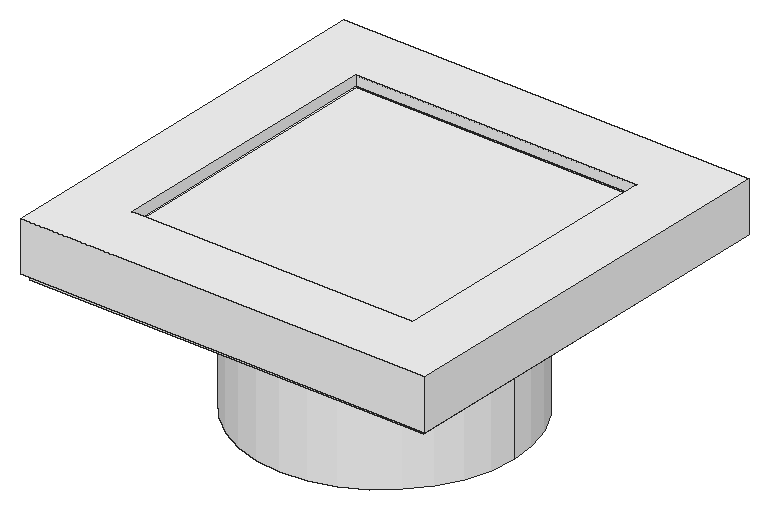
Revit family "Gira_117100", category Electrical Fixtures, host Face, Revit 2017
Family settings
  Host = Face
  Maintain Annotation Orientation = Yes
  Round Connector Dimension = Use Diameter
  Part Type = Normal
  Cut with Voids When Loaded = No
  Shared = No
  Room Calculation Point = No
Parameters (values of type "LED-Signalleuchte RT / GN System 55")
  White [instance] = White
  URL = "http://katalog.gira.de/de_DE/datenblatt.html?artikelnr=117100"
  Stromart = "Ac (*en-EN)"
  Schutzart (IP) = "IP20"
  Region = "DE"
  Nennspannung = "230 Volt"
  Name = "LED-Signalleuchte RT / GN System 55"
  Model = "Sys55_Komplettgerät_Schalten und Tasten"
  Manufacturer URL = "https://www.gira.de/"
  Kalottenfarbe = "sonstige"
  HeinzeBIM = "https://bimportal.heinze.de/bim/led-signalleuchte-rt-gn-system-55/be3a927e0de5b4344246961692a3164648d365d4"
  HAN = "117100"
  GTIN = "4010337049289"
  Default Elevation = 1219.2 mm
  Data sheet (1) = "https://katalog.gira.de/de_DE/download.html?artikelnr=117100"
  Category = "Überwachbare LED Signalleuchte"
  Available = "Yes"
Reference planes
  plane 1 "Center (Front/Back)": y = 0
  plane 2: z = 0
  plane 3 "Center (Left/Right)": x = 0
Forms (mm)
  Extrusion 1, solid, material "White" <- "White", detail levels medium
    sketch origin (0, 0, 0) x (1, 0, 0) y (0, 1, 0)
      loop
        line (-40.4, 40.4) -> (-40.4, -40.4) -> (40.4, -40.4) -> (40.4, 40.4) -> (-40.4, 40.4)
      loop
        line (-28, 28) -> (-28, -28) -> (28, -28) -> (28, 28) -> (-28, 28)
    from 0 to 10
  Extrusion 2, solid, material "White" <- "White", detail levels fine
    sketch origin (0, 0, 0) x (1, 0, 0) y (0, 1, 0)
      loop
        line (-40.4, 40.4) -> (-40.4, -40.4) -> (40.4, -40.4) -> (40.4, 40.4) -> (-40.4, 40.4)
      loop
        line (-28, 28) -> (-28, -28) -> (28, -28) -> (28, 28) -> (-28, 28)
    from 0 to 10
  Extrusion 3, void
    sketch origin (0, 0, 0) x (1, 0, 0) y (0, 1, 0)
      loop
        line (-38.4, 38.4) -> (-38.4, -38.4) -> (38.4, -38.4) -> (38.4, 38.4) -> (-38.4, 38.4)
    from 0 to 8
  Extrusion 4, solid, material "White" <- "White", detail levels medium+fine
    sketch origin (0, 0, 0) x (1, 0, 0) y (0, 1, 0)
      loop
        line (-39.4, 39.4) -> (-39.4, -39.4) -> (39.4, -39.4) -> (39.4, 39.4) -> (-39.4, 39.4)
    from 0 to -1
  Extrusion 5, solid, material "White" <- "White", detail levels medium+fine
    sketch origin (0, 0, 0) x (1, 0, 0) y (0, 1, 0)
      loop
        line (-35.5, 35.5) -> (-35.5, -35.5) -> (35.5, -35.5) -> (35.5, 35.5) -> (-35.5, 35.5)
    from -2 to -3
  Extrusion 6, solid, material "White" <- "White", detail levels medium+fine
    sketch origin (0, 0, 0) x (1, 0, 0) y (0, 1, 0)
      loop
        circle (0, 0) r 26
    from 0 to -27.5
  Extrusion 7, solid, material "White" <- "White", detail levels coarse
    sketch origin (0, 0, 0) x (1, 0, 0) y (0, 1, 0)
      loop
        line (-40.4, 40.4) -> (-40.4, -40.4) -> (40.4, -40.4) -> (40.4, 40.4) -> (-40.4, 40.4)
    from -27.5 to 10
Cuts and joins
  Extrusion 3 cuts Extrusion 2
Dimensions and locks
  aligned and locked: plane 2 to host face
  aligned and locked: level to host face
  aligned and locked: plane 3 "Center (Left/Right)" to nested 2
  aligned and locked: plane 1 "Center (Front/Back)" to nested 2
Nested families
  nested 1: "Sys55_Abdeckung_Schalten und Tasten_floor_base" at (0, 0, 0), type "Sys55_Abdeckung_Schalten und Tasten_floor_base"
  nested 2: "Schalter" at (0, 0, 0), type "Schalter"
Connectors
  electrical at (0, 0, -27.5)
    settings: on Extrusion 6, index 1, voltage 220 V, apparent load 0 VA, apparent load phase1 0 VA, apparent load phase2 0 VA, apparent load phase3 0 VA, power factor 1, load classification "Other", number of poles 1, system type 30, power factor state 1, is connector primary yes, connector utility no, sub classification motor no, connector description ""
Definition of nested family "Sys55_Abdeckung_Schalten und Tasten_floor_base"
  Parameters
    Default Elevation = 1219.2 mm
    White [instance] = none
  Reference planes
    plane 1 "Center (Front/Back)": y = 0
    plane 2: z = 0
    plane 3 "Center (Left/Right)": x = 0
  Forms (mm)
    Extrusion 1, solid
      sketch origin (0, 0, 0) x (1, 0, 0) y (0, 1, 0)
        loop
          line (-1219.2, 1219.2) -> (-1219.2, -1219.2) -> (1219.2, -1219.2) -> (1219.2, 1219.2) -> (-1219.2, 1219.2)
      from 0 to -304.8
    Extrusion 2, solid, material <- "White", detail levels fine
      sketch origin (0, 0, 0) x (1, 0, 0) y (0, 1, 0)
        loop
          line (-27.5, 27.5) -> (-27.5, -27.5) -> (27.5, -27.5) -> (27.5, 27.5) -> (-27.5, 27.5)
      from 0 to 8
    Extrusion 3, void
      sketch origin (0, 0, 0) x (1, 0, 0) y (0, 1, 0)
        loop
          line (26, 26) -> (-26, 26) -> (-26, -26) -> (26, -26) -> (26, 26)
      from 0 to 6
    Extrusion 4, solid, material <- "White", detail levels medium
      sketch origin (0, 0, 0) x (1, 0, 0) y (0, 1, 0)
        loop
          line (-27.5, 27.5) -> (-27.5, -27.5) -> (27.5, -27.5) -> (27.5, 27.5) -> (-27.5, 27.5)
      from 0 to 8
    Extrusion 5, solid, material <- "White", detail levels medium
      sketch origin (0, 0, 0) x (1, 0, 0) y (0, 1, 0)
        loop
          line (11, -17.5) -> (11, 17.5) -> (-11, 17.5) -> (-11, -17.5) -> (11, -17.5)
      from -6 to 6
    Extrusion 6, solid, material <- "White", detail levels fine
      sketch origin (0, 0, 0) x (1, 0, 0) y (0, 1, 0)
        loop
          line (11, 17.5) -> (-11, 17.5) -> (-11, 16.5) -> (11, 16.5) -> (11, 17.5)
        loop
          line (-11, -16.5) -> (-11, -17.5) -> (11, -17.5) -> (11, -16.5) -> (-11, -16.5)
      from -4 to 6
    Extrusion 7, solid, material <- "White", detail levels fine
      sketch origin (0, 0, 0) x (1, 0, 0) y (0, 1, 0)
        loop
          arc (5, 9.347) -> (0, 10.6) -> (-5, 9.347) r 10.6
          line (-5, 9.347) -> (-5, -9.347)
          arc (-5, -9.347) -> (0, -10.6) -> (5, -9.347) r 10.6
          line (5, -9.347) -> (5, 9.347)
      from -6 to 6
    Extrusion 8, solid, material <- "White", detail levels coarse
      sketch origin (0, 0, 0) x (1, 0, 0) y (0, 1, 0)
        loop
          line (-27.5, 27.5) -> (-27.5, -27.5) -> (27.5, -27.5) -> (27.5, 27.5) -> (-27.5, 27.5)
      from -6 to 8
  Cuts and joins
    Extrusion 3 cuts Extrusion 2
  Dimensions and locks
    aligned and locked: plane 2 to Extrusion 1
    aligned and locked: level to Extrusion 1
Definition of nested family "Schalter"
  Reference planes
    plane 1: y = 0
    plane 2: x = 0
  Lines and regions (mm)
    detail lines
      curve 1: circle (1.375, 2.778, 0) r 0.8 normal (0, 0, 1)
      curve 2: line (1.021, 2.061, 0) -> (0, 0, 0)
      curve 3: line (0, 0, 0) -> (-0.538, 0.266, 0)
  Dimensions and locks
    curve 2 to curve 2 = 2.3 mm
    curve 3 to curve 2 = 0.6 mm
    radius of curve 1 = 0.8 mm
